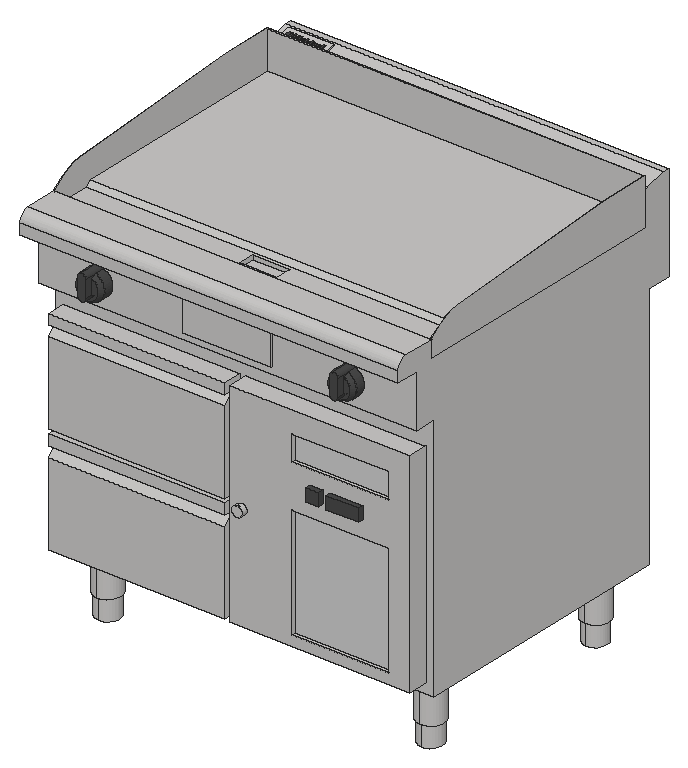
Revit family "QF_MOFFAT WALDORF_GPL8900E-RB", category Specialty Equipment, Revit 2012
Parameters
  Weight in Pounds = 348.33  # constant formula
  Width [instance] = 900.00 mm  # constant formula
  Watts = 12000 W
  Volts = 415 V
  URL Cutsheet = "www.moffat.com"
  URL = "www.moffat.com"
  Type Mark [instance] = ""
  Status [instance] = ""
  Specification by User [instance] = ""
  Specification by Manufacturer = ""
  Show Logo [instance] = yes
  Show Door [instance] = no
  Show Clearance [instance] = yes
  Show Casters [instance] = no
  Serial Number = ""
  Seismic Rating = ""
  SMACNA No = ""
  Revision Code [instance] = ""
  Refrigerant Type = "R134a"
  Phase = 3
  Omniclass Number and Title = ""
  Number of Poles = 1
  NAFEM Spec ID Number = ""
  Model = "GPL8900E-RB"
  Min Ckt Ampacity = 0 A
  Max Overcurrent Protection = 0 A
  Masterspec = ""
  Manufacturer = "MOFFAT WALDORF"
  Legs [instance] = not(Show Casters)  # yes
  Item Number [instance] = ""
  Installed By [instance] = ""
  Identify Quantity as Lot [instance] = yes
  Height = 970.00 mm  # constant formula
  HP = ""
  Furnished By [instance] = ""
  Foodservice Equipment Identifier [instance] = yes
  FL Amps = 16.6 A
  Elec Conn RI Height = 0.00 mm
  Elec Conn Connection Height = 0.00 mm
  Drawer Clearance [instance] = and(Show Clearance, and(Drawer))  # yes
  Drawer [instance] = not(Show Door)  # yes
  Door Clearance [instance] = and(Show Clearance, and(Show Door))  # no
  Description = "GRIDDLE PLATE LOW SPLASHBACK ELECTRICAL ON REFRIGERATED BASE"
  Depth [instance] = 805.00 mm  # constant formula
  Cycle = 50 Hz
  Conn Plug = ""
  Conn Conduit = yes
  CSI MasterFormat = ""
  CSI Master Format = ""
  Back Splash [instance] = 215.00 mm  # constant formula
  Apparent Power = if(Phase = 3, Volts * FL Amps * 1.73, Volts * FL Amps)  # 11918 VA
Reference planes
  plane 1 "BACK": y = 0
  plane 2: z = 0
  plane 3 "LEFT": x = 0
  plane 4 "RIGHT": x = 900
  plane 5 "FRONT": y = -805
  plane 6 "TOP": z = 970
  plane 7 "Center Y": x = 450
  plane 8 "Center X": y = -402.5
  plane 9 "Base Height": z = 150
  plane 10: z = 915
  plane 11: x = 65
  plane 12: x = 834
  plane 13: y = -625
  plane 14: x = 770
  plane 15: y = -32
  plane 16: z = 174
  plane 17: x = 617
  plane 18: x = 881
  plane 19: x = 19
  plane 20: z = 710
  plane 21: y = -135
Forms (mm)
  Extrusion 1, solid, material "QF_Finishes_Stainless Steel"
    sketch origin (0, 0, 0) x (0, 1, 0) y (0, 0, 1)
      loop
        line (-699, 150) -> (-59, 150) -> (-59, 740) -> (0, 740) -> (0, 970) -> (-15, 970) -> (-61.106, 957.646)
        arc (-61.106, 957.646) -> (-67.52, 953.36) -> (-70, 946.055) r 12
        line (-70, 946.055) -> (-70, 875) -> (-705, 875) -> (-705, 915) -> (-781, 915)
        arc (-781, 915) -> (-797.971, 907.971) -> (-805, 891) r 24
        line (-805, 891) -> (-805, 866) -> (-749, 866) -> (-749, 740) -> (-699, 740) -> (-699, 150)
    from 0 to 900
  Revolve 2, solid, material "QF_Finishes_Stainless Steel", visible <- "Legs"
    sketch origin (834, -245, 0) x (0, 1, 0) y (0, 0, -1)
      loop
        line (78.25, -150) -> (110, -150) -> (110, 0) -> (82.5, 0) -> (82.5, -50) -> (78.25, -50) -> (78.25, -150)
      axis (110, -150) -> (110, 0)
    angle from 0 to 360
  Revolve 3, solid, material "QF_Finishes_Stainless Steel"
    sketch origin (834, -735, 0) x (0, 1, 0) y (0, 0, -1)
      loop
        line (78.25, -150) -> (110, -150) -> (110, 0) -> (82.5, 0) -> (82.5, -50) -> (78.25, -50) -> (78.25, -150)
      axis (110, -150) -> (110, 0)
    angle from 0 to 360
  Revolve 4, solid, material "QF_Finishes_Stainless Steel", visible <- "Legs"
    sketch origin (65, -245, 0) x (0, 1, 0) y (0, 0, -1)
      loop
        line (78.25, -150) -> (110, -150) -> (110, 0) -> (82.5, 0) -> (82.5, -50) -> (78.25, -50) -> (78.25, -150)
      axis (110, -150) -> (110, 0)
    angle from 0 to 360
  Revolve 5, solid, material "QF_Finishes_Stainless Steel"
    sketch origin (65, -735, 0) x (0, 1, 0) y (0, 0, -1)
      loop
        line (78.25, -150) -> (110, -150) -> (110, 0) -> (82.5, 0) -> (82.5, -50) -> (78.25, -50) -> (78.25, -150)
      axis (110, -150) -> (110, 0)
    angle from 0 to 360
  Revolve 6, solid, material "QF_Finishes_Black"
    sketch origin (150, 0, 602.373) x (0, 1, 0) y (0, 0, -1)
      loop
        line (-782, -229.5) -> (-759, -229.5) -> (-759, -202) -> (-749, -202) -> (-749, -197) -> (-793, -197) -> (-793, -223.651) -> (-782, -229.5)
      axis (-793, -197) -> (-749, -197)
    angle from 0 to 360
  Extrusion 7, solid, material "QF_Finishes_Black"
    sketch origin (288.27, 0, 602.531) x (-1, 0, 0) y (0, 0, -1)
      loop
        arc (148.269, -184.969) -> (138.269, -174.969) -> (128.269, -184.969) r 10
        line (128.269, -184.969) -> (128.269, -223.969)
        arc (128.269, -223.969) -> (138.269, -233.969) -> (148.269, -223.969) r 10
        line (148.269, -223.969) -> (148.269, -184.969)
    from 759 to 808
  Extrusion 8, solid, material "QF_Finishes_Stainless Steel"
    sketch origin (-295, -749, 866) x (0, 0, -1) y (1, 0, 0)
      loop
        line (24, 640) -> (111, 640) -> (111, 850) -> (24, 850) -> (24, 640)
    from 0 to 2.5
  Extrusion 9, solid, material "QF_Finishes_Stainless Steel"
    sketch origin (-295, -751.5, 866) x (0, 0, -1) y (1, 0, 0)
      loop
        line (31, 850) -> (24, 850) -> (24, 640) -> (31, 640) -> (31, 850)
    from 0 to 5
  Extrusion 10, solid, material "QF_Finishes_Stainless Steel"
    sketch origin (0, 0, 740) x (-1, 0, 0) y (0, 1, 0)
      loop
        circle (-770, -32) r 13.5
    from 0 to 30
  Revolve 11, solid, material "QF_Finishes_Black"
    sketch origin (750, 0, 602.373) x (0, 1, 0) y (0, 0, 1)
      loop
        line (-782, 229.5) -> (-793, 223.651) -> (-793, 197) -> (-749, 197) -> (-749, 202) -> (-759, 202) -> (-759, 229.5) -> (-782, 229.5)
      axis (-793, 197) -> (-749, 197)
    angle from 0 to 360
  Extrusion 12, solid, material "QF_Finishes_Black"
    sketch origin (611.73, 0, 602.531) x (1, 0, 0) y (0, 0, 1)
      loop
        line (148.269, 184.969) -> (148.269, 223.969)
        arc (148.269, 223.969) -> (138.269, 233.969) -> (128.269, 223.969) r 10
        line (128.269, 223.969) -> (128.269, 184.969)
        arc (128.269, 184.969) -> (138.269, 174.969) -> (148.269, 184.969) r 10
    from 759 to 808
  Extrusion 13, solid, material "QF_Finishes_Stainless Steel"
    sketch origin (0, -699, 685) x (0, 0, 1) y (-1, 0, 0)
      loop
        line (-7, -881) -> (-7, -453) -> (-511, -453) -> (-511, -881) -> (-7, -881)
      loop
        line (-486, -831) -> (-221, -831) -> (-221, -601) -> (-486, -601) -> (-486, -831)
      loop
        line (-57, -831) -> (-57, -601) -> (-117, -601) -> (-117, -831) -> (-57, -831)
    from 0 to 48
  Extrusion 14, solid, material "QF_Finishes_Vents"
    sketch origin (0, -699, 685) x (0, 0, 1) y (-1, 0, 0)
      loop
        line (-117, -601) -> (-117, -831) -> (-57, -831) -> (-57, -601) -> (-117, -601)
      loop
        line (-221, -601) -> (-486, -601) -> (-486, -831) -> (-221, -831) -> (-221, -601)
    from 38.919 to 0
  Extrusion 15, solid, material "QF_Finishes_Black"
    sketch origin (0, -747, 685) x (0, 0, 1) y (-1, 0, 0)
      loop
        line (-151.46, -644.926) -> (-181.46, -644.926) -> (-181.46, -674.926) -> (-151.46, -674.926) -> (-151.46, -644.926)
      loop
        line (-151.46, -692.503) -> (-181.46, -692.503) -> (-181.46, -770.815) -> (-151.46, -770.815) -> (-151.46, -692.503)
    from 0 to 12.7
  Extrusion 16, solid, material "QF_Finishes_Stainless Steel"
    sketch origin (0, -747, 685) x (0, 0, 1) y (-1, 0, 0)
      loop
        circle (-260.229, -480.856) r 12.395
    from 0 to 12.7
Cuts and joins
  joined: Extrusion 8, Extrusion 9
Lines and regions (mm)
  Split face 1
    outline origin (12.5, -17.878, 969.229) x (0, -0.965926, -0.258819) y (1, 0, 0)
      loop
        line (2.411, 151.462) -> (37.194, 151.462) -> (37.194, 169.241) -> (2.411, 169.241) -> (2.411, 151.462)
  Split face 2
    outline origin (66.25, -17.878, 969.229) x (0, -0.965926, -0.258819) y (1, 0, 0)
      loop
        line (2.411, 151.462) -> (37.194, 151.462) -> (37.194, 169.241) -> (2.411, 169.241) -> (2.411, 151.462)
  Split face 3
    outline origin (120, -17.878, 969.229) x (0, -0.965926, -0.258819) y (1, 0, 0)
      loop
        line (2.411, 151.462) -> (37.194, 151.462) -> (37.194, 169.241) -> (2.411, 169.241) -> (2.411, 151.462)
  Split face 4
    outline origin (-121.25, -17.878, 969.229) x (0, -0.965926, -0.258819) y (1, 0, 0)
      loop
        line (2.411, 451.462) -> (37.194, 451.462) -> (37.194, 469.241) -> (2.411, 469.241) -> (2.411, 451.462)
  Split face 5
    outline origin (-67.5, -17.878, 969.229) x (0, -0.965926, -0.258819) y (1, 0, 0)
      loop
        line (2.411, 451.462) -> (37.194, 451.462) -> (37.194, 469.241) -> (2.411, 469.241) -> (2.411, 451.462)
  Split face 6
    outline origin (-13.75, -17.878, 969.229) x (0, -0.965926, -0.258819) y (1, 0, 0)
      loop
        line (2.411, 451.462) -> (37.194, 451.462) -> (37.194, 469.241) -> (2.411, 469.241) -> (2.411, 451.462)
  Split face 7
    outline origin (40, -17.878, 969.229) x (0, -0.965926, -0.258819) y (1, 0, 0)
      loop
        line (2.411, 451.462) -> (37.194, 451.462) -> (37.194, 469.241) -> (2.411, 469.241) -> (2.411, 451.462)
  Split face 8
    outline origin (95, -17.878, 969.229) x (0, -0.965926, -0.258819) y (1, 0, 0)
      loop
        line (2.411, 451.462) -> (37.194, 451.462) -> (37.194, 469.241) -> (2.411, 469.241) -> (2.411, 451.462)
  Split face 9
    outline origin (148.257, -17.878, 969.229) x (0, -0.965926, -0.258819) y (1, 0, 0)
      loop
        line (2.411, 451.462) -> (37.194, 451.462) -> (37.194, 469.241) -> (2.411, 469.241) -> (2.411, 451.462)
  Split face 10
    outline origin (203.257, -17.878, 969.229) x (0, -0.965926, -0.258819) y (1, 0, 0)
      loop
        line (2.411, 451.462) -> (37.194, 451.462) -> (37.194, 469.241) -> (2.411, 469.241) -> (2.411, 451.462)
  Split face 11
    outline origin (256.727, -17.878, 969.229) x (0, -0.965926, -0.258819) y (1, 0, 0)
      loop
        line (2.411, 451.462) -> (37.194, 451.462) -> (37.194, 469.241) -> (2.411, 469.241) -> (2.411, 451.462)
  symbolic lines
    curve 1: line (0, 0, 0) -> (0, -805, 0)
    curve 2: line (900, 0, 0) -> (0, 0, 0)
    curve 3: line (900, -805, 0) -> (900, 0, 0)
    curve 4: line (0, -70, 0) -> (900, -70, 0)
    curve 5: line (0, -805, 0) -> (900, -805, 0)
    curve 6: line (12.5, -20.958, 0) -> (121.5, -20.958, 0)
    curve 7: line (12.5, -51.234, 0) -> (12.5, -20.958, 0)
    curve 8: line (121.5, -20.958, 0) -> (121.5, -51.234, 0)
    curve 9: line (12.5, -51.234, 0) -> (121.5, -51.234, 0)
    curve 10: line (181.741, -20.207, 0) -> (181.741, -53.804, 0)
    curve 11: line (181.741, -53.804, 0) -> (163.962, -53.804, 0)
    curve 12: line (163.962, -53.804, 0) -> (163.962, -20.207, 0)
    curve 13: line (163.962, -20.207, 0) -> (181.741, -20.207, 0)
    curve 14: line (217.712, -53.804, 0) -> (217.712, -20.207, 0)
    curve 15: line (217.712, -20.207, 0) -> (235.491, -20.207, 0)
    curve 16: line (235.491, -20.207, 0) -> (235.491, -53.804, 0)
    curve 17: line (235.491, -53.804, 0) -> (217.712, -53.804, 0)
    curve 18: line (289.241, -53.804, 0) -> (271.462, -53.804, 0)
    curve 19: line (271.462, -53.804, 0) -> (271.462, -20.207, 0)
    curve 20: line (271.462, -20.207, 0) -> (289.241, -20.207, 0)
    curve 21: line (289.241, -20.207, 0) -> (289.241, -53.804, 0)
    curve 22: line (347.991, -53.804, 0) -> (330.212, -53.804, 0)
    curve 23: line (330.212, -53.804, 0) -> (330.212, -20.207, 0)
    curve 24: line (330.212, -20.207, 0) -> (347.991, -20.207, 0)
    curve 25: line (347.991, -20.207, 0) -> (347.991, -53.804, 0)
    curve 26: line (401.741, -53.804, 0) -> (383.962, -53.804, 0)
    curve 27: line (383.962, -53.804, 0) -> (383.962, -20.207, 0)
    curve 28: line (383.962, -20.207, 0) -> (401.741, -20.207, 0)
    curve 29: line (401.741, -20.207, 0) -> (401.741, -53.804, 0)
    curve 30: line (455.491, -20.207, 0) -> (437.712, -20.207, 0)
    curve 31: line (437.712, -20.207, 0) -> (437.712, -53.804, 0)
    curve 32: line (437.712, -53.804, 0) -> (455.491, -53.804, 0)
    curve 33: line (455.491, -53.804, 0) -> (455.491, -20.207, 0)
    curve 34: line (491.462, -20.207, 0) -> (509.241, -20.207, 0)
    curve 35: line (509.241, -20.207, 0) -> (509.241, -53.804, 0)
    curve 36: line (509.241, -53.804, 0) -> (491.462, -53.804, 0)
    curve 37: line (491.462, -53.804, 0) -> (491.462, -20.207, 0)
    curve 38: line (546.462, -20.207, 0) -> (564.241, -20.207, 0)
    curve 39: line (564.241, -20.207, 0) -> (564.241, -53.804, 0)
    curve 40: line (564.241, -53.804, 0) -> (546.462, -53.804, 0)
    curve 41: line (546.462, -53.804, 0) -> (546.462, -20.207, 0)
    curve 42: line (617.498, -20.207, 0) -> (599.719, -20.207, 0)
    curve 43: line (599.719, -20.207, 0) -> (599.719, -53.804, 0)
    curve 44: line (599.719, -53.804, 0) -> (617.498, -53.804, 0)
    curve 45: line (617.498, -53.804, 0) -> (617.498, -20.207, 0)
    curve 46: line (672.498, -20.207, 0) -> (654.719, -20.207, 0)
    curve 47: line (654.719, -20.207, 0) -> (654.719, -53.804, 0)
    curve 48: line (654.719, -53.804, 0) -> (672.498, -53.804, 0)
    curve 49: line (672.498, -53.804, 0) -> (672.498, -20.207, 0)
    curve 50: line (725.968, -20.207, 0) -> (725.968, -53.804, 0)
    curve 51: line (725.968, -53.804, 0) -> (708.189, -53.804, 0)
    curve 52: line (708.189, -53.804, 0) -> (708.189, -20.207, 0)
    curve 53: line (708.189, -20.207, 0) -> (725.968, -20.207, 0)
Dimensions and locks
  equal spacing: plane 3 "LEFT", plane 7 "Center Y", plane 4 "RIGHT"
  "Width": plane 3 "LEFT" to plane 4 "RIGHT"
  equal spacing: plane 5 "FRONT", plane 8 "Center X", plane 1 "BACK"
  "Depth": plane 5 "FRONT" to plane 1 "BACK"
  locked: plane 10 to level at 915
  locked: plane 9 "Base Height" to level at 150
  plane 6 "TOP" to plane 10 = 55.00 mm
  plane 12 to plane 11 = 769.00 mm
  "Height": plane 6 "TOP" to level
  plane 14 to plane 4 "RIGHT" = 130.00 mm
  plane 15 to plane 1 "BACK" = 32.00 mm
  plane 17 to plane 4 "RIGHT" = 283.00 mm
  plane 20 to level = 710.00 mm
  plane 13 to plane 21 = 490.00 mm
  aligned and locked: level to plane 2
Automatic sketch dimensions
  plane 1 "BACK" to curve 1 = 0.00 mm
  curve 1 to plane 3 "LEFT" = 0.00 mm
  curve 2 to plane 4 "RIGHT" = 0.00 mm
  plane 5 "FRONT" to curve 1 = 0.00 mm
  plane 3 "LEFT" to curve 9 = 12.50 mm
  curve 9 to plane 15 = 19.234 mm
  plane 11 to curve 9 = 56.50 mm
  plane 15 to curve 12 = 11.793 mm
  curve 6 to curve 12 = 42.462 mm
  curve 12 to curve 10 = 17.779 mm
  plane 15 to curve 15 = 11.793 mm
  curve 10 to curve 15 = 35.971 mm
  curve 14 to curve 17 = 17.779 mm
  curve 4 to curve 7 = 18.766 mm
  curve 17 to plane 15 = 21.804 mm
  curve 12 to plane 15 = 21.804 mm
  plane 15 to curve 8 = 11.042 mm
  Revolve 2 sketch curve to plane 9 "Base Height" = 0.00 mm
  Revolve 2 sketch curve to level = 0.00 mm
  level to Revolve 2 sketch curve = 50.00 mm
  Revolve 2 sketch curve to Revolve 2 sketch curve = 0.00 mm
  Revolve 2 sketch curve to Revolve 2 sketch curve = 55.00 mm
  Revolve 3 sketch curve to plane 9 "Base Height" = 0.00 mm
  Revolve 3 sketch curve to level = 0.00 mm
  Revolve 3 sketch curve to plane 13 = 0.00 mm  (x2)
  Revolve 3 sketch curve to plane 13 = 27.50 mm
  Revolve 3 sketch curve to plane 13 = 31.75 mm
  level to Revolve 3 sketch curve = 50.00 mm
  Revolve 3 sketch curve to Revolve 3 sketch curve = 0.00 mm
  Revolve 3 sketch curve to Revolve 3 sketch curve = 55.00 mm
  Revolve 4 sketch curve to plane 9 "Base Height" = 0.00 mm
  Revolve 4 sketch curve to level = 0.00 mm
  level to Revolve 4 sketch curve = 50.00 mm
  Revolve 4 sketch curve to Revolve 4 sketch curve = 0.00 mm
  Revolve 4 sketch curve to Revolve 4 sketch curve = 55.00 mm
  Revolve 5 sketch curve to plane 9 "Base Height" = 0.00 mm
  Revolve 5 sketch curve to level = 0.00 mm
  Revolve 5 sketch curve to plane 13 = 0.00 mm  (x2)
  Revolve 5 sketch curve to plane 13 = 27.50 mm
  Revolve 5 sketch curve to plane 13 = 31.75 mm
  level to Revolve 5 sketch curve = 50.00 mm
  Revolve 5 sketch curve to Revolve 5 sketch curve = 0.00 mm
  Revolve 5 sketch curve to Revolve 5 sketch curve = 55.00 mm
  Extrusion 1 to Split face 1 sketch curve = 5.391 mm
  Split face 1 sketch curve to Extrusion 1 = 7.559 mm
  Split face 1 sketch curve to Extrusion 1 = 163.962 mm
  Split face 1 sketch curve to Split face 1 sketch curve = 17.779 mm
  Extrusion 1 to Split face 2 sketch curve = 5.391 mm
  Split face 2 sketch curve to Extrusion 1 = 7.559 mm
  Split face 2 sketch curve to Extrusion 1 = 217.712 mm
  Split face 2 sketch curve to Split face 2 sketch curve = 17.779 mm
  Extrusion 1 to Split face 3 sketch curve = 5.391 mm
  Split face 3 sketch curve to Extrusion 1 = 7.559 mm
  Split face 3 sketch curve to Extrusion 1 = 271.462 mm
  Split face 3 sketch curve to Split face 3 sketch curve = 17.779 mm
  Extrusion 1 to Split face 4 sketch curve = 5.391 mm
  Split face 4 sketch curve to Extrusion 1 = 7.559 mm
  Split face 4 sketch curve to Extrusion 1 = 330.212 mm
  Split face 4 sketch curve to Split face 4 sketch curve = 17.779 mm
  Extrusion 1 to Split face 5 sketch curve = 5.391 mm
  Split face 5 sketch curve to Extrusion 1 = 7.559 mm
  Split face 5 sketch curve to Extrusion 1 = 383.962 mm
  Split face 5 sketch curve to Split face 5 sketch curve = 17.779 mm
  Extrusion 1 to Split face 6 sketch curve = 5.391 mm
  Split face 6 sketch curve to Extrusion 1 = 7.559 mm
  Split face 6 sketch curve to Extrusion 1 = 437.712 mm
  Split face 6 sketch curve to Split face 6 sketch curve = 17.779 mm
  Extrusion 1 to Split face 7 sketch curve = 5.391 mm
  Split face 7 sketch curve to Extrusion 1 = 7.559 mm
  Split face 7 sketch curve to Extrusion 1 = 408.538 mm
  Split face 7 sketch curve to Split face 7 sketch curve = 17.779 mm
  Revolve 6 sketch curve to plane 5 "FRONT" = 12.00 mm
  Revolve 6 sketch curve to Revolve 6 sketch curve = 0.00 mm  (x2)
  Revolve 6 sketch curve to Revolve 6 sketch curve = 11.00 mm
  Revolve 6 sketch curve to Revolve 6 sketch curve = 12.70 mm
  Revolve 6 sketch curve to Revolve 6 sketch curve = 23.00 mm
  Revolve 6 sketch curve to Revolve 6 sketch curve = 10.00 mm
  Revolve 6 sketch curve to plane 10 = 83.127 mm
  Revolve 6 sketch curve to Revolve 6 sketch curve = 5.849 mm
  Revolve 6 sketch curve to Revolve 6 sketch curve = 27.50 mm
  Revolve 6 sketch curve to Revolve 6 sketch curve = 5.00 mm
  plane 11 to Extrusion 7 sketch curve = 95.001 mm
  Extrusion 7 sketch curve to Extrusion 7 sketch curve = 10.00 mm
  Extrusion 7 sketch curve to plane 10 = 88.50 mm
  Extrusion 7 sketch curve to Extrusion 7 sketch curve = 39.00 mm
  Extrusion 1 to Extrusion 8 sketch curve = 24.00 mm
  Extrusion 8 sketch curve to Extrusion 1 = 15.00 mm
  Extrusion 1 to Extrusion 8 sketch curve = 345.00 mm
  Extrusion 8 sketch curve to Extrusion 8 sketch curve = 210.00 mm
  Extrusion 9 sketch curve to Extrusion 8 = 0.00 mm  (x2)
  Extrusion 8 to Extrusion 9 sketch curve = 0.00 mm
  Extrusion 9 sketch curve to Extrusion 8 = 7.00 mm
  Revolve 11 sketch curve to plane 5 "FRONT" = 12.00 mm
  Revolve 11 sketch curve to Revolve 11 sketch curve = 0.00 mm  (x2)
  Revolve 11 sketch curve to Revolve 11 sketch curve = 11.00 mm
  Revolve 11 sketch curve to Revolve 11 sketch curve = 12.70 mm
  Revolve 11 sketch curve to Revolve 11 sketch curve = 23.00 mm
  Revolve 11 sketch curve to Revolve 11 sketch curve = 10.00 mm
  Revolve 11 sketch curve to plane 10 = 115.627 mm
  Revolve 11 sketch curve to Revolve 11 sketch curve = 5.00 mm
  Revolve 11 sketch curve to Revolve 11 sketch curve = 26.651 mm
  Revolve 11 sketch curve to Revolve 11 sketch curve = 5.849 mm
  Extrusion 12 sketch curve to plane 14 = 30.001 mm
  Extrusion 12 sketch curve to Extrusion 12 sketch curve = 10.00 mm
  Extrusion 12 sketch curve to plane 10 = 127.50 mm
  Extrusion 12 sketch curve to Extrusion 12 sketch curve = 39.00 mm
  Extrusion 1 to Split face 8 sketch curve = 5.391 mm
  Split face 8 sketch curve to Extrusion 1 = 7.559 mm
  Split face 8 sketch curve to Extrusion 1 = 353.538 mm
  Split face 8 sketch curve to Split face 8 sketch curve = 17.779 mm
  Extrusion 1 to Split face 9 sketch curve = 5.391 mm
  Split face 9 sketch curve to Extrusion 1 = 7.559 mm
  Split face 9 sketch curve to Extrusion 1 = 300.281 mm
  Split face 9 sketch curve to Split face 9 sketch curve = 17.779 mm
  Extrusion 1 to Split face 10 sketch curve = 5.391 mm
  Split face 10 sketch curve to Extrusion 1 = 7.559 mm
  Split face 10 sketch curve to Extrusion 1 = 245.281 mm
  Split face 10 sketch curve to Split face 10 sketch curve = 17.779 mm
  Extrusion 1 to Split face 11 sketch curve = 5.391 mm
  Split face 11 sketch curve to Extrusion 1 = 7.559 mm
  Split face 11 sketch curve to Extrusion 1 = 191.811 mm
  Split face 11 sketch curve to Split face 11 sketch curve = 17.779 mm
  plane 15 to curve 19 = 11.793 mm
  curve 15 to curve 19 = 35.971 mm
  curve 18 to curve 18 = 17.779 mm
  curve 18 to plane 15 = 21.804 mm
  plane 15 to curve 24 = 11.793 mm
  curve 20 to curve 24 = 40.971 mm
  curve 22 to curve 22 = 17.779 mm
  curve 22 to plane 15 = 21.804 mm
  plane 15 to curve 28 = 11.793 mm
  curve 24 to curve 28 = 35.971 mm
  curve 26 to curve 26 = 17.779 mm
  curve 26 to plane 15 = 21.804 mm
  curve 32 to plane 7 "Center Y" = 12.288 mm
  plane 7 "Center Y" to curve 30 = 5.491 mm
  curve 32 to plane 15 = 21.804 mm
  plane 15 to curve 33 = 11.793 mm
  curve 32 to curve 36 = 35.971 mm
  curve 36 to curve 36 = 17.779 mm
  curve 36 to plane 15 = 21.804 mm
  plane 15 to curve 37 = 11.793 mm
  curve 35 to curve 40 = 37.221 mm
  curve 40 to curve 40 = 17.779 mm
  curve 40 to plane 15 = 21.804 mm
  plane 15 to curve 41 = 11.793 mm
  plane 15 to curve 42 = 11.793 mm
  curve 38 to curve 42 = 35.478 mm
  curve 42 to curve 42 = 17.779 mm
  curve 44 to plane 15 = 21.804 mm
  plane 15 to curve 46 = 11.793 mm
  curve 42 to curve 46 = 37.221 mm
  curve 46 to curve 46 = 17.779 mm
  curve 48 to plane 15 = 21.804 mm
  curve 48 to curve 51 = 35.691 mm
  curve 51 to curve 50 = 17.779 mm
  curve 51 to plane 15 = 21.804 mm
  plane 15 to curve 52 = 11.793 mm
  Extrusion 1 sketch curve to plane 5 "FRONT" = 0.00 mm
  Extrusion 1 sketch curve to plane 10 = 0.00 mm
  Extrusion 1 sketch curve to plane 6 "TOP" = 0.00 mm
  Extrusion 1 sketch curve to plane 5 "FRONT" = 24.00 mm
  Extrusion 1 sketch curve to Extrusion 1 sketch curve = 32.00 mm
  Extrusion 1 sketch curve to Extrusion 1 sketch curve = 44.00 mm
  Extrusion 1 sketch curve to Extrusion 1 sketch curve = 8.894 mm
  Extrusion 1 sketch curve to Extrusion 1 sketch curve = 3.106 mm
  Extrusion 1 sketch curve to Extrusion 1 sketch curve = 15.00 mm
  Extrusion 1 sketch curve to Extrusion 1 sketch curve = 25.00 mm
  Extrusion 1 sketch curve to plane 10 = 40.00 mm
  Extrusion 1 sketch curve to plane 6 "TOP" = 23.945 mm
  Extrusion 1 sketch curve to Extrusion 1 sketch curve = 50.00 mm
  Extrusion 1 to Extrusion 13 sketch curve = 24.00 mm
  Extrusion 1 to Extrusion 13 sketch curve = 49.00 mm
  Extrusion 1 to Extrusion 13 sketch curve = 69.00 mm  (x2)
  Extrusion 13 sketch curve to Extrusion 13 sketch curve = 265.00 mm
  Extrusion 13 sketch curve to Extrusion 13 sketch curve = 104.00 mm
  Extrusion 13 sketch curve to Extrusion 13 sketch curve = 60.00 mm
  Extrusion 1 to Extrusion 13 sketch curve = 62.00 mm
  Extrusion 1 to Extrusion 13 sketch curve = 19.00 mm
  Extrusion 13 sketch curve to Extrusion 13 sketch curve = 230.00 mm  (x2)
  Extrusion 13 sketch curve to Extrusion 13 sketch curve = 148.00 mm
  Extrusion 13 to Extrusion 16 sketch curve = 39.229 mm
  Extrusion 16 sketch curve to Extrusion 13 = 27.856 mm
  Extrusion 15 sketch curve to Extrusion 13 = 39.54 mm  (x2)
  Extrusion 15 sketch curve to Extrusion 15 sketch curve = 30.00 mm  (x3)
  Extrusion 13 to Extrusion 15 sketch curve = 60.185 mm
  Extrusion 15 sketch curve to Extrusion 15 sketch curve = 78.312 mm
  Extrusion 15 sketch curve to Extrusion 15 sketch curve = 17.577 mm
  Extrusion 1 to Extrusion 14 sketch curve = 49.00 mm
  Extrusion 1 to Extrusion 14 sketch curve = 69.00 mm  (x2)
  Extrusion 14 sketch curve to Extrusion 14 sketch curve = 265.00 mm
  Extrusion 14 sketch curve to Extrusion 14 sketch curve = 104.00 mm
  Extrusion 14 sketch curve to Extrusion 14 sketch curve = 60.00 mm
  Extrusion 14 sketch curve to Extrusion 14 sketch curve = 230.00 mm
  Extrusion 14 sketch curve to Extrusion 14 sketch curve = 0.00 mm
  Extrusion 1 sketch curve to plane 9 "Base Height" = 0.00 mm
  Extrusion 1 sketch curve to plane 1 "BACK" = 0.00 mm
  Extrusion 1 sketch curve to Extrusion 1 sketch curve = 135.00 mm  (x2)
  Extrusion 10 sketch curve to Extrusion 1 = 27.00 mm
  Extrusion 10 sketch curve to Extrusion 1 = 130.00 mm
  Extrusion 1 sketch curve to plane 15 = 38.00 mm
  Extrusion 1 sketch curve to plane 15 = 27.00 mm
  Revolve 2 sketch curve to plane 15 = 134.75 mm
  Revolve 2 sketch curve to Revolve 2 sketch curve = 4.25 mm
  Revolve 2 sketch curve to Revolve 2 sketch curve = 27.50 mm  (x2)
  Revolve 4 sketch curve to plane 15 = 134.75 mm
  Revolve 4 sketch curve to Revolve 4 sketch curve = 4.25 mm
  Revolve 4 sketch curve to Revolve 4 sketch curve = 27.50 mm  (x2)
  radius of Extrusion 16 sketch curve = 12.395 mm
  radius of Extrusion 10 sketch curve = 13.50 mm
Nested families
  nested 1: "GPL8900E-RB-CASTERS" at (65, -127.5, 0), Show Casters <- "Show Casters", visible <- "Show Casters", type "GPL8900E-RB-CASTERS"
    with Type Mark "", Status "", Specification by User "", Show Casters no, Revision Code "", Item Number "", Installed By "", Identify Quantity as Lot yes, Furnished By "", Foodservice Equipment Identifier yes
  nested 2: "GPL8900E-RB-CASTERS" at (835, -127.5, 0), Show Casters <- "Show Casters", visible <- "Show Casters", type "GPL8900E-RB-CASTERS"
    with Type Mark "", Status "", Specification by User "", Show Casters no, Revision Code "", Item Number "", Installed By "", Identify Quantity as Lot yes, Furnished By "", Foodservice Equipment Identifier yes
  nested 3: "GAS GRIDDLE PLATE" at (0, -70, 874.5), type "GAS GRIDDLE PLATE"
    with Type Mark "", Status "", Specification by User "", Show Clearance yes, Revision Code "", Item Number "", Installed By "", Identify Quantity as Lot yes, Furnished By "", Foodservice Equipment Identifier yes
  nested 4: "GP8900G-RB-DOOR AND DRAWER" at (19, -699, 174), Show Door <- "Show Door", Show Drawer <- "Drawer", Drawer Clearance <- "Drawer Clearance", Door Clearance <- "Door Clearance", type "GP8900G-RB-DOOR AND DRAWER"
    with Type Mark "", Status "", Specification by User "", Show Drawer yes, Show Door no, Revision Code "", Item Number "", Installed By "", Identify Quantity as Lot yes, Furnished By "", Foodservice Equipment Identifier yes, Drawer Clearance yes, Door Clearance no
  nested 5: "WALDORF LOGO_FACE BASE" at (12.5, -21.683, 968.209) x (1, 0, 0) z (0, -0.2588, 0.9659), visible <- "Show Logo", type "WALDORF LOGO_FACE BASE", detail levels medium+fine
    with Show Logo yes
Connectors
  electrical at (770, -32, 710)
    settings: on Extrusion 10, index 1, voltage 0 V, apparent load 0 VA, apparent load phase1 0 VA, apparent load phase2 0 VA, apparent load phase3 0 VA, power factor 1, load classification "Other", number of poles 1, system type 30, power factor state 1, is connector primary yes, connector utility no, sub classification motor no, connector description "ELECTRICAL CONNECTION"
Definition of nested family "GAS GRIDDLE PLATE"
  Parameters (values of type "GAS GRIDDLE PLATE")
    Weight in Pounds = 0
    URL Cutsheet = ""
    Type Mark [instance] = ""
    Status [instance] = ""
    Specification by User [instance] = ""
    Specification by Manufacturer = ""
    Show Clearance [instance] = yes
    Serial Number = ""
    Seismic Rating = ""
    SMACNA No = ""
    Revision Code [instance] = ""
    Omniclass Number and Title = ""
    NAFEM Spec ID Number = ""
    Masterspec = ""
    Item Number [instance] = ""
    Installed By [instance] = ""
    Identify Quantity as Lot [instance] = yes
    Furnished By [instance] = ""
    Foodservice Equipment Identifier [instance] = yes
    CSI MasterFormat = ""
    CSI Master Format = ""
  Reference planes
    plane 1 "BACK": y = 0
    plane 2: z = 0
    plane 3 "LEFT": x = 0
    plane 4 "RIGHT": x = 900
    plane 5 "FRONT": y = -634.4
    plane 6 "TOP": z = 142.5
    plane 7 "Center Y": x = 450
    plane 8 "Center X": y = -317.2
  Forms (mm)
    Extrusion 1, solid, material "QF_Finishes_Stainless Steel"
      sketch origin (0, 70.003, -874.5) x (0, 1, 0) y (0, 0, 1)
        loop
          line (-70, 875) -> (-70, 984.5) -> (-191.003, 984.5) -> (-626.368, 954.056)
          arc (-626.368, 954.056) -> (-652.773, 948.564) -> (-676.75, 936.215) r 100
          line (-676.75, 936.215) -> (-704.403, 916.852) -> (-704.403, 875) -> (-70, 875)
      from 0 to 1.8
    Extrusion 2, solid, material "QF_Finishes_Stainless Steel"
      sketch origin (150, 70.003, -874.5) x (0, 1, 0) y (0, 0, 1)
        loop
          line (-70, 895) -> (-601, 895) -> (-611.5, 884.5) -> (-704.403, 884.5) -> (-704.403, 875) -> (-70, 875) -> (-70, 895)
      from -148.2 to 748.2
    Extrusion 3, void
      sketch origin (-218.85, -541.497, 10) x (0, -1, 0) y (1, 0, 0)
        loop
          line (10, 713.7) -> (10, 625.2) -> (48.5, 625.2) -> (48.5, 713.7) -> (10, 713.7)
      from -41.4 to 40.142
    Extrusion 4, solid, material "QF_Finishes_Stainless Steel"
      sketch origin (150, 0.003, 211.574) x (0, 0, -1) y (1, 0, 0)
        loop
          line (101.574, -148.2) -> (191.074, -148.2) -> (191.074, 748.2) -> (101.574, 748.2) -> (101.574, -148.2)
      from 0 to 1.683
    Extrusion 5, solid, material "QF_Finishes_Stainless Steel"
      sketch origin (900, 70.003, -874.5) x (0, 1, 0) y (0, 0, -1)
        loop
          line (-70, -875) -> (-704.403, -875) -> (-704.403, -916.852) -> (-676.75, -936.215)
          arc (-676.75, -936.215) -> (-652.773, -948.564) -> (-626.368, -954.056) r 100
          line (-626.368, -954.056) -> (-191.003, -984.5) -> (-70, -984.5) -> (-70, -875)
      from 0 to 1.8
  Cuts and joins
    Extrusion 3 cuts Extrusion 2
  Lines and regions (mm)
    symbolic lines
      curve 1: line (898.2, -530.997, 0) -> (1.8, -530.997, 0)
      curve 2: line (1.8, -541.497, 0) -> (898.2, -541.497, 0)
      curve 3: line (406.35, -551.497, 0) -> (406.35, -589.997, 0)
      curve 4: line (406.35, -589.997, 0) -> (494.85, -589.997, 0)
      curve 5: line (494.85, -589.997, 0) -> (494.85, -551.497, 0)
      curve 6: line (494.85, -551.497, 0) -> (406.35, -551.497, 0)
      curve 7: line (1.8, -1.68, 0) -> (898.2, -1.68, 0)
      curve 8: line (898.2, -1.68, 0) -> (898.2, -634.4, 0)
      curve 9: line (1.8, -634.4, 0) -> (1.8, 0, 0)
      curve 10: line (1.8, -634.4, 0) -> (898.2, -634.4, 0)
  Dimensions and locks
    equal spacing: plane 3 "LEFT", plane 7 "Center Y", plane 4 "RIGHT"
    plane 3 "LEFT" to plane 4 "RIGHT" = 900.00 mm
    equal spacing: plane 5 "FRONT", plane 8 "Center X", plane 1 "BACK"
    plane 5 "FRONT" to plane 1 "BACK" = 634.40 mm
    aligned and locked: level to plane 2
  Automatic sketch dimensions
    plane 5 "FRONT" to curve 10 = 0.00 mm
    plane 3 "LEFT" to curve 10 = 1.80 mm
    curve 4 to plane 5 "FRONT" = 44.403 mm
    plane 4 "RIGHT" to curve 4 = 493.65 mm
    plane 4 "RIGHT" to curve 5 = 405.15 mm
    curve 3 to curve 3 = 38.50 mm
    curve 2 to plane 5 "FRONT" = 92.903 mm
    curve 2 to curve 1 = 10.50 mm
    plane 1 "BACK" to curve 9 = 0.00 mm
    Extrusion 1 sketch curve to plane 5 "FRONT" = 0.00 mm
    Extrusion 1 sketch curve to plane 5 "FRONT" = 27.653 mm
    Extrusion 1 sketch curve to Extrusion 1 sketch curve = 50.382 mm
    Extrusion 1 sketch curve to level = 20.20 mm
    Extrusion 1 sketch curve to plane 5 "FRONT" = 85.011 mm
    Extrusion 1 sketch curve to plane 6 "TOP" = 32.50 mm
    plane 1 "BACK" to Extrusion 1 sketch curve = 121.00 mm
    Extrusion 1 sketch curve to plane 1 "BACK" = 0.003 mm
    level to Extrusion 1 sketch curve = 0.50 mm
    Extrusion 1 sketch curve to Extrusion 1 sketch curve = 41.852 mm
    Extrusion 1 sketch curve to Extrusion 1 sketch curve = 19.363 mm
    Extrusion 2 sketch curve to plane 5 "FRONT" = 0.00 mm
    level to Extrusion 2 sketch curve = 10.00 mm
    Extrusion 2 sketch curve to Extrusion 2 sketch curve = 92.903 mm
    Extrusion 2 sketch curve to Extrusion 2 sketch curve = 10.50 mm  (x2)
    Extrusion 2 sketch curve to plane 1 "BACK" = 0.003 mm
    level to Extrusion 2 sketch curve = 0.50 mm
    Extrusion 2 to Extrusion 3 sketch curve = 10.00 mm
    Extrusion 3 sketch curve to Extrusion 3 sketch curve = 38.50 mm
    Extrusion 2 to Extrusion 3 sketch curve = 491.85 mm
    Extrusion 2 to Extrusion 3 sketch curve = 403.35 mm
    Extrusion 4 sketch curve to plane 6 "TOP" = 32.50 mm
    level to Extrusion 4 sketch curve = 20.50 mm
    plane 3 "LEFT" to Extrusion 4 sketch curve = 1.80 mm
    plane 7 "Center Y" to Extrusion 4 sketch curve = 448.20 mm
    Extrusion 5 sketch curve to plane 5 "FRONT" = 0.00 mm
    Extrusion 5 sketch curve to plane 5 "FRONT" = 27.653 mm
    Extrusion 5 sketch curve to Extrusion 5 sketch curve = 50.382 mm
    Extrusion 5 sketch curve to level = 20.20 mm
    Extrusion 5 sketch curve to plane 5 "FRONT" = 85.011 mm
    Extrusion 5 sketch curve to plane 6 "TOP" = 32.50 mm
    plane 1 "BACK" to Extrusion 5 sketch curve = 121.00 mm
    Extrusion 5 sketch curve to plane 1 "BACK" = 0.003 mm
    Extrusion 5 sketch curve to plane 6 "TOP" = 62.944 mm
    Extrusion 5 sketch curve to Extrusion 5 sketch curve = 19.363 mm
    level to Extrusion 5 sketch curve = 0.50 mm
    curve 7 to curve 9 = 0.00 mm
    plane 1 "BACK" to curve 8 = 1.68 mm
    plane 4 "RIGHT" to curve 7 = 1.80 mm
Definition of nested family "GP8900G-RB-DOOR AND DRAWER"
  Parameters (values of type "GP8900G-RB-DOOR AND DRAWER")
    Weight in Pounds = 0
    URL Cutsheet = ""
    URL = ""
    Type Mark [instance] = ""
    Status [instance] = ""
    Specification by User [instance] = ""
    Specification by Manufacturer = ""
    Show Door [instance] = yes
    Serial Number = ""
    Seismic Rating = ""
    SMACNA No = ""
    Revision Code [instance] = ""
    Omniclass Number and Title = ""
    NAFEM Spec ID Number = ""
    Model = ""
    Masterspec = ""
    Manufacturer = ""
    Item Number [instance] = ""
    Installed By [instance] = ""
    Identify Quantity as Lot [instance] = yes
    Furnished By [instance] = ""
    Foodservice Equipment Identifier [instance] = yes
    Show Drawer [instance] = yes
    Drawer Clearance [instance] = yes
    Door Clearance [instance] = yes
    Description = ""
    CSI MasterFormat = ""
    CSI Master Format = ""
  Reference planes
    plane 1 "BACK": y = 0
    plane 2: z = 0
    plane 3 "LEFT": x = 0
    plane 4 "RIGHT": x = 420
    plane 5 "FRONT": y = -464.82
    plane 6 "TOP": z = 504
    plane 7 "Center Y": x = 210
    plane 8 "Center X": y = -232.41
    plane 9: x = 420
  Forms (mm)
    Extrusion 1, solid, material "QF_Finishes_Stainless Steel", visible <- "Show Drawer"
      sketch origin (-19, 702.18, -174) x (0, 1, 0) y (0, 0, 1)
        loop
          line (-747, 678) -> (-747, 653) -> (-722, 653) -> (-747, 628) -> (-747, 431) -> (-702.18, 431) -> (-702.18, 678) -> (-747, 678)
        loop
          line (-747, 421) -> (-747, 396) -> (-722, 396) -> (-747, 371) -> (-747, 174) -> (-702.18, 174) -> (-702.18, 421) -> (-747, 421)
      from 19 to 439
    Extrusion 2, solid, material "QF_Door-Drawer Clearances", visible <- "Drawer Clearance", detail levels coarse
      sketch origin (-19, -44.82, 257) x (0, 0, 1) y (-1, 0, 0)
        loop
          line (-257, -19) -> (-257, -439) -> (-10, -439) -> (-10, -19) -> (-257, -19)
        loop
          line (0, -19) -> (0, -439) -> (247, -439) -> (247, -19) -> (0, -19)
      from 0 to 304.8
    Extrusion 3, solid, material "QF_Finishes_Stainless Steel", visible <- "Show Door"
      sketch origin (-19, 702.18, -174) x (0, 1, 0) y (0, 0, 1)
        loop
          line (-748.15, 675.55) -> (-748.15, 658) -> (-723.95, 658) -> (-723.95, 648.15)
          arc (-723.95, 648.15) -> (-740.921, 641.121) -> (-747.95, 624.15) r 24
          line (-747.95, 624.15) -> (-747.95, 198)
          arc (-747.95, 198) -> (-740.921, 181.029) -> (-723.95, 174) r 24
          line (-723.95, 174) -> (-705.2, 174) -> (-705.2, 678) -> (-745.7, 678)
          arc (-745.7, 678) -> (-747.432, 677.282) -> (-748.15, 675.55) r 2.45
      from 19 to 439
    Extrusion 4, solid, material "QF_Door-Drawer Clearances", visible <- "Door Clearance", detail levels coarse
      sketch origin (-19, -8.47, 0) x (-1, 0, 0) y (0, 1, 0)
        loop
          line (-19, -36.35) -> (-439, -36.35)
          arc (-439, -36.35) -> (-315.985, -333.335) -> (-19, -456.35) r 420
          line (-19, -456.35) -> (-19, -36.35)
      from 0 to -504
  Lines and regions (mm)
    symbolic lines, style "QF_Door-Drawer Clearances", visible <- "Drawer Clearance"
      curve 1: line (0, -102.82, 150) -> (0, -349.62, 150)
      curve 2: line (420, -349.62, 150) -> (420, -104.62, 150)
    symbolic lines, style "QF_Door-Drawer Clearances", visible <- "Door Clearance"
      curve 3: line (58, -102.82, 150) -> (296.985, -341.805, 150)
      curve 4: arc (416.229, -100.977, 150) -> (376.388, -231.185, 150) -> (296.985, -341.805, 150) r 420
    symbolic lines, style "QF_Door-Drawer Clearances"
      curve 5: line (0, -349.62, 0) -> (420, -349.62, 0)
  Dimensions and locks
    equal spacing: plane 3 "LEFT", plane 7 "Center Y", plane 4 "RIGHT"
    plane 3 "LEFT" to plane 4 "RIGHT" = 420.00 mm
    equal spacing: plane 5 "FRONT", plane 8 "Center X", plane 1 "BACK"
    plane 5 "FRONT" to plane 1 "BACK" = 464.82 mm
    plane 6 "TOP" to level = 504.00 mm
    aligned and locked: level to plane 2
  Automatic sketch dimensions
    curve 4 to plane 3 "LEFT" = 0.00 mm
    curve 1 to plane 3 "LEFT" = 0.00 mm
    plane 4 "RIGHT" to curve 4 = 3.771 mm
    plane 7 "Center Y" to curve 3 = 86.985 mm
    curve 3 to curve 1 = 58.00 mm
    plane 1 "BACK" to curve 4 = 44.82 mm
    plane 1 "BACK" to curve 4 = 100.977 mm
    curve 4 to curve 3 = 58.00 mm
    curve 1 to curve 3 = 0.00 mm
    curve 4 to curve 2 = 3.643 mm
    Extrusion 1 sketch curve to level = 0.00 mm
    Extrusion 1 sketch curve to plane 1 "BACK" = 0.00 mm  (x2)
    plane 1 "BACK" to Extrusion 1 sketch curve = 19.82 mm  (x2)
    Extrusion 1 sketch curve to Extrusion 1 sketch curve = 25.00 mm  (x6)
    Extrusion 1 sketch curve to Extrusion 1 sketch curve = 0.00 mm
    Extrusion 1 sketch curve to Extrusion 1 sketch curve = 44.82 mm
    level to Extrusion 1 sketch curve = 197.00 mm
    Extrusion 1 sketch curve to Extrusion 1 sketch curve = 10.00 mm
    Extrusion 1 sketch curve to Extrusion 1 sketch curve = 197.00 mm
    Extrusion 1 to Extrusion 2 sketch curve = 0.00 mm  (x4)
    Extrusion 2 sketch curve to Extrusion 1 = 0.00 mm
    Extrusion 1 to Extrusion 2 sketch curve = 222.00 mm
    Extrusion 2 sketch curve to Extrusion 2 sketch curve = 10.00 mm
    Extrusion 2 sketch curve to Extrusion 2 sketch curve = 247.00 mm
    Extrusion 3 sketch curve to level = 0.00 mm
    plane 1 "BACK" to Extrusion 3 sketch curve = 45.97 mm
    Extrusion 3 sketch curve to Extrusion 3 sketch curve = 0.20 mm
    Extrusion 3 sketch curve to Extrusion 3 sketch curve = 2.45 mm
    plane 1 "BACK" to Extrusion 3 sketch curve = 21.77 mm  (x2)
    plane 1 "BACK" to Extrusion 3 sketch curve = 3.02 mm
    Extrusion 3 sketch curve to Extrusion 3 sketch curve = 426.15 mm
    Extrusion 3 sketch curve to Extrusion 3 sketch curve = 9.85 mm
    Extrusion 3 sketch curve to Extrusion 3 sketch curve = 17.55 mm
    Extrusion 4 sketch curve to Extrusion 3 = 0.00 mm  (x2)
    Extrusion 3 to Extrusion 4 sketch curve = 23.05 mm
    curve 2 to plane 4 "RIGHT" = 0.00 mm
    curve 1 to plane 5 "FRONT" = 115.20 mm
    curve 2 to plane 5 "FRONT" = 115.20 mm
Definition of nested family "WALDORF LOGO_FACE BASE"
  Parameters (values of type "WALDORF LOGO_FACE BASE")
    Show Logo [instance] = yes
    Default Elevation = 1219.20 mm
  Reference planes
    plane 1 "Center (Front/Back)": y = 0
    plane 2: z = 0
    plane 3 "Center (Left/Right)": x = 0
  Forms (mm)
    Extrusion 1, solid
      sketch origin (0, 0, 0) x (1, 0, 0) y (0, 1, 0)
        loop
          line (-1219.2, 1219.2) -> (-1219.2, -1219.2) -> (1219.2, -1219.2) -> (1219.2, 1219.2) -> (-1219.2, 1219.2)
      from 0 to -304.8
    Extrusion 2, solid, material "QF_Finishes_Stainless Steel", visible <- "Show Logo"
      sketch origin (0, -33.217, 0) x (1, 0, 0) y (0, 1, 0)
        loop
          arc (5, 34.14) -> (1.464, 32.676) -> (0, 29.14) r 5
          line (0, 29.14) -> (0, 5)
          arc (0, 5) -> (1.464, 1.464) -> (5, 0) r 5
          line (5, 0) -> (104, 0)
          arc (104, 0) -> (107.536, 1.464) -> (109, 5) r 5
          line (109, 5) -> (109, 29.14)
          arc (109, 29.14) -> (107.536, 32.676) -> (104, 34.14) r 5
          line (104, 34.14) -> (5, 34.14)
      from 0 to 1.588
    Extrusion 3, solid, material "QF_Finishes_Black", visible <- "Show Logo"
      sketch origin (0, -33.217, 1.588) x (1, 0, 0) y (0, 1, 0)
        loop
          line (24.772, 23.214) -> (27.992, 10.301) -> (31.551, 10.301) -> (33.443, 17.364) -> (35.205, 10.301) -> (39.332, 10.301) -> (42.077, 23.214) -> (38.352, 23.214) -> (36.676, 15.33) -> (35, 23.214) -> (31.752, 23.214) -> (30.076, 15.33) -> (28.4, 23.214) -> (24.772, 23.214)
        loop
          line (42.272, 17.055) -> (45.703, 17.055)
          spline (45.703, 17.055) -> (45.741, 17.285) -> (45.852, 17.499) -> (46.028, 17.682) -> (46.258, 17.823) -> (46.526, 17.912) -> (46.813, 17.942) -> (47.1, 17.912) -> (47.368, 17.823) -> (47.597, 17.682) -> (47.774, 17.499) -> (47.884, 17.285) -> (47.922, 17.055)
          line (47.922, 17.055) -> (47.922, 16.222)
          arc (47.922, 16.222) -> (45.742, 16.014) -> (43.665, 15.317) r 9.604
          arc (43.665, 15.317) -> (41.924, 12.809) -> (43.665, 10.301) r 2.677
          arc (43.665, 10.301) -> (45.527, 10.353) -> (47.332, 10.816) r 8.365
          line (47.332, 10.816) -> (48.092, 11.105) -> (48.092, 10.301) -> (51.817, 10.301) -> (51.817, 17.055)
          spline (51.817, 17.055) -> (51.654, 17.821) -> (51.178, 18.535) -> (50.419, 19.148) -> (49.431, 19.619) -> (48.28, 19.914) -> (47.044, 20.015) -> (45.809, 19.914) -> (44.658, 19.619) -> (43.67, 19.148) -> (42.911, 18.535) -> (42.434, 17.821) -> (42.272, 17.055)
        loop
          line (53.151, 23.214) -> (53.151, 10.301) -> (57.37, 10.301) -> (57.37, 23.214) -> (53.151, 23.214)
        loop
          line (64.874, 23.214) -> (64.874, 18.857)
          arc (64.874, 18.857) -> (58.083, 15.11) -> (64.874, 11.363) r 4.429
          line (64.874, 11.363) -> (64.874, 10.301) -> (68.378, 10.301) -> (68.378, 23.214) -> (64.874, 23.214)
        loop
          arc (64.874, 16.083) -> (61.41, 14.987) -> (64.874, 13.891) r 1.905
          line (64.874, 13.891) -> (64.874, 16.083)
        loop
          circle (74.623, 15.223) r 5
        loop
          spline (74.623, 17.856) -> (74.355, 17.766) -> (74.105, 17.503) -> (73.891, 17.084) -> (73.726, 16.539) -> (73.623, 15.904) -> (73.588, 15.223) -> (73.623, 14.541) -> (73.726, 13.906) -> (73.891, 13.361) -> (74.105, 12.942) -> (74.355, 12.679) -> (74.623, 12.59)
          spline (74.623, 12.59) -> (74.891, 12.679) -> (75.141, 12.942) -> (75.355, 13.361) -> (75.52, 13.906) -> (75.623, 14.541) -> (75.659, 15.223) -> (75.623, 15.904) -> (75.52, 16.539) -> (75.355, 17.084) -> (75.141, 17.503) -> (74.891, 17.766) -> (74.623, 17.856)
        loop
          line (81.255, 19.813) -> (81.255, 10.301) -> (84.834, 10.301) -> (84.834, 14.176)
          arc (84.834, 14.176) -> (85.854, 16.093) -> (88.013, 16.32) r 2.313
          line (88.013, 16.32) -> (88.013, 19.813) -> (87.161, 19.813)
          arc (87.161, 19.813) -> (85.526, 19.266) -> (84.549, 17.844) r 2.717
          line (84.549, 17.844) -> (84.549, 19.813) -> (81.255, 19.813)
        loop
          line (90.249, 19.813) -> (88.91, 19.813) -> (88.91, 17.614) -> (90.249, 17.614) -> (90.249, 10.301) -> (93.998, 10.301) -> (93.998, 17.614) -> (95.418, 17.614) -> (95.418, 19.813) -> (93.998, 19.813)
          arc (93.998, 19.813) -> (94.414, 20.817) -> (95.418, 21.233) r 1.42
          line (95.418, 21.233) -> (95.418, 23.602) -> (93.317, 23.602)
          arc (93.317, 23.602) -> (91.343, 22.903) -> (90.249, 21.118) r 3.137
          line (90.249, 21.118) -> (90.249, 19.813)
        loop
          arc (15.241, 23.571) -> (8.392, 16.525) -> (15.241, 9.479) r 7.049
          line (15.241, 9.479) -> (15.241, 23.571)
        loop
          line (15.641, 23.571) -> (15.641, 9.479)
          arc (15.641, 9.479) -> (22.49, 16.525) -> (15.641, 23.571) r 7.049
        loop
          arc (47.922, 14.711) -> (46.266, 13.749) -> (47.922, 12.787) r 1.107
          line (47.922, 12.787) -> (47.922, 14.711)
      from 0 to 0.2
  Dimensions and locks
    aligned and locked: plane 2 to Extrusion 1
    aligned and locked: level to Extrusion 1
Definition of nested family "GPL8900E-RB-CASTERS"
  Parameters (values of type "BT8600-LS-CASTERS")
    Weight = ""
    URL Manufacturer = ""
    URL Cutsheet = ""
    URL = ""
    Type Mark [instance] = ""
    Status [instance] = ""
    Specification by User [instance] = ""
    Specification by Manufacturer = ""
    Show Casters [instance] = no
    Serial Number = ""
    Seismic Rating = ""
    SMACNA No = ""
    Revision Code [instance] = ""
    Omniclass Number and Title = ""
    NAFEM Spec ID Number = ""
    Model = ""
    MasterSpec. = ""
    Manufacturer = ""
    Item Number [instance] = ""
    Installed By [instance] = ""
    Identify Quantity as Lot [instance] = yes
    Furnished By [instance] = ""
    Foodservice Equipment Identifier [instance] = yes
    Description = ""
    CSI MasterFormat = ""
    CSI Master Format = ""
    Assembly Code = ""
  Reference planes
    plane 1: z = 0
    plane 2 "RIGHT": x = 0
    plane 3 "FRONT": y = 0
    plane 4 "Base Height": z = 150
  Forms (mm)
    Revolve 1, solid, material "QF_Finishes_Stainless Steel", visible <- "Show Casters"
      sketch origin (0, 56.335, 0) x (0, 1, 0) y (0, 0, 1)
        loop
          line (-56.335, 152.4) -> (-56.335, 141.118) -> (-23.798, 141.118) -> (-23.798, 152.4) -> (-56.335, 152.4)
        axis (-56.335, 141.118) -> (-56.335, 152.4)
      angle from 0 to 360
    Extrusion 2, solid, material "QF_Finishes_Stainless Steel", visible <- "Show Casters"
      sketch origin (-46.049, 56.335, 0) x (0, 1, 0) y (0, 0, 1)
        loop
          line (-85.799, 141.118) -> (-85.799, 133.498) -> (-82.136, 133.498)
          arc (-82.136, 133.498) -> (-79.344, 132.328) -> (-77.146, 130.248) r 8.432
          line (-77.146, 130.248) -> (-39.502, 49.52)
          arc (-39.502, 49.52) -> (-13.784, 46.107) -> (-5.673, 70.75) r 20.32
          arc (-5.673, 70.75) -> (-7.065, 73.611) -> (-8.887, 76.22) r 20.32
          arc (-8.887, 76.22) -> (-9.399, 85.377) -> (-6.626, 94.119) r 25.4
          line (-6.626, 94.119) -> (8.003, 121.632)
          arc (8.003, 121.632) -> (-2.347, 126.31) -> (-13.34, 129.167) r 66.802
          line (-13.34, 129.167) -> (-13.765, 133.498) -> (-26.871, 133.498) -> (-26.871, 141.118) -> (-85.799, 141.118)
      from 20.058 to 22.923
    Extrusion 3, solid, material "QF_Finishes_Stainless Steel", visible <- "Show Casters"
      sketch origin (3.326, 56.335, 0) x (0, 1, 0) y (0, 0, 1)
        loop
          line (-85.799, 141.118) -> (-85.799, 133.498) -> (-82.136, 133.498)
          arc (-82.136, 133.498) -> (-79.344, 132.328) -> (-77.146, 130.248) r 8.432
          line (-77.146, 130.248) -> (-39.502, 49.52)
          arc (-39.502, 49.52) -> (-13.784, 46.107) -> (-5.673, 70.75) r 20.32
          arc (-5.673, 70.75) -> (-7.065, 73.611) -> (-8.887, 76.22) r 20.32
          arc (-8.887, 76.22) -> (-9.399, 85.377) -> (-6.626, 94.119) r 25.4
          line (-6.626, 94.119) -> (8.003, 121.632)
          arc (8.003, 121.632) -> (-2.347, 126.31) -> (-13.34, 129.167) r 66.802
          line (-13.34, 129.167) -> (-13.765, 133.498) -> (-26.871, 133.498) -> (-26.871, 141.118) -> (-85.799, 141.118)
      from 20.058 to 22.923
    Extrusion 4, solid, material "QF_Finishes_Stainless Steel", visible <- "Show Casters"
      sketch origin (-49.224, 56.335, 0) x (0, 1, 0) y (0, 0, 1)
        loop
          line (-85.799, 141.118) -> (-85.799, 133.498) -> (-82.136, 133.498) -> (-18.877, 127.964) -> (7.14, 120.01) -> (8.003, 121.632)
          arc (8.003, 121.632) -> (-2.347, 126.31) -> (-13.34, 129.167) r 66.802
          line (-13.34, 129.167) -> (-13.765, 133.498) -> (-26.871, 133.498) -> (-26.871, 141.118) -> (-85.799, 141.118)
      from 26.098 to 72.56
    Revolve 5, solid, material "QF_Finishes_Stainless Steel", visible <- "Show Casters"
      sketch origin (-49.224, 30.821, 0) x (1, 0, 0) y (0, 0, 1)
        loop
          line (14.841, 63.604) -> (83.584, 63.604) -> (83.584, 67.109) -> (82.314, 68.379) -> (80.79, 68.379) -> (80.79, 71.826) -> (68.644, 71.826) -> (68.644, 81.79) -> (65.088, 83.843) -> (61.683, 104.879) -> (65.881, 104.879) -> (65.881, 111.229) -> (65.088, 111.229) -> (65.088, 117.579)
          arc (65.088, 117.579) -> (62.298, 124.314) -> (55.563, 127.104) r 9.525
          line (55.563, 127.104) -> (42.863, 127.104)
          arc (42.863, 127.104) -> (36.127, 124.314) -> (33.338, 117.579) r 9.525
          line (33.338, 117.579) -> (33.338, 111.229) -> (32.544, 111.229) -> (32.544, 104.879) -> (36.742, 104.879) -> (33.352, 83.932) -> (29.782, 81.871) -> (29.782, 71.826) -> (17.635, 71.826) -> (17.635, 68.379) -> (16.111, 68.379) -> (14.841, 67.109) -> (14.841, 63.604)
        axis (14.841, 63.604) -> (83.584, 63.604)
      angle from 0 to 360
  Cuts and joins
    joined: Extrusion 2, Extrusion 3, Extrusion 4
  Lines and regions (mm)
    symbolic lines, style "SpecialityEquipmentHiddenLines", visible <- "Show Casters"
      curve 1: line (18.009, 67.053, 0) -> (45.595, 51.127, 0)
      curve 2: line (-45.491, -42.932, 0) -> (18.009, 67.053, 0)
      curve 3: line (-17.905, -58.859, 0) -> (-45.491, -42.932, 0)
      curve 4: line (45.595, 51.127, 0) -> (-17.905, -58.859, 0)
  Dimensions and locks
    plane 4 "Base Height" to level = 150.00 mm  (x2)
    Revolve 5 sketch curve to Revolve 5 sketch curve = 63.50 mm
    aligned and locked: level to plane 1
